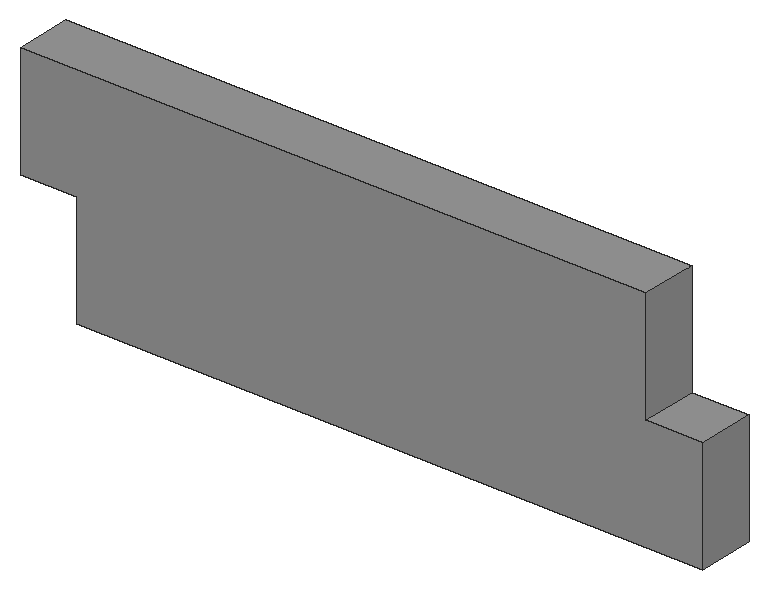
Revit family "Stonepanel_SaintYrieix_ESP", category Modelos genéricos, Revit 2015
Parameters (values of type "Stonepanel® SKY Saint Yrieix")
  Ventajas de Stonepanel = "Eficaz: Instalación ágil y sencilla : 10 veces más rápido que la mampostería tradicional (Ritmo medio de colocación de 20 m2/día). Mayor rentabilidad gracias al menor desperdicio de material en obra y a la durabilidad de un producto natural frente a otros revestimientos. La colocación de los paneles no requiere mano de obra ni maquinaria especializada.\r\nSeguro: Un sistema de anclaje patentado, de acero inoxidable, que permite su instalación a más de 2 metros de altura. Base de cemento homogénea y rugosa que garantiza la adhesión y permite el corte sin desprendimiento.\r\nCalidad: Control permanente del proceso de producción desde la oficina I+D+I. Una cuidada selección de piedra natural realizada por los expertos de CUPASTONE. Disponibilidad de piezas especiales para adaptarse perfectamente a cada edificio: esquinas (macizas, rectas, dobles o para ventanas), cubremuros, y otros complementarios.\r\nEstética: Forma de “S” que evita la visión de las juntas para homogenizar el aspecto final. Gran variedad de paneles para elegir entre colores y acabados de piedra natural. La propia belleza y exclusividad de la piedra natural: Cada piedra es\r\núnica."
  Usos Indicados = "Revestimiento de Paredes exteriores e interiores en edificaciones nuevas o rehabilitaciones"
  Uniclass 2015 = "Pr_25_71_14_56 Natural stone panels"
  Uniclass 2 = "Pr_25_71_14_56 Natural stone panels"
  URL = "http://www.cupastone.fr/produit/stonepanel-saint-yrieix/"
  Sistema de anclaje = "Cinta perforada en acero inoxidable:\r\n- Naturaleza del acero: AISI 316 (1.4401) o AISI 304 (1.4301)\r\n- Espesor mínimo (mm) : 0,7\r\n- Ancho (mm) : 12 a 15\r\n- Diámetro del hueco (mm) : 6 ± 1\r\n\r\nTacos:\r\nLa elección de los tacos y clavijas de fijación debe ser realizada teniendo en cuenta la acción en depresión del viento (muros exteriores) y de la resistencia de los tacos en el soporte, en función de la naturaleza del soporte."
  Resistencia al fuego = "No combustible"
  Resistencia a la flexión = "-"
  Resistencia al hielo = "Sin alteraciones despues de 50 ciclos"
  Resistencia = "Buena resistencia"
  Peso = "10 kg"
  Oxidación = "No oxida"
  Otros datos de interés del producto = "Dispone de un anclaje para instalar a alturas superiores a 2 metros"
  Omniclass = "23-15 15 15 11"
  Número de serie = "SPZ-F01"
  NBS Reference = "45-25-45/380 Natural stone panels"
  Modelo = "Stonepanel® SKY Saint Yrieix"
  Material = "Piedra de color marrón-anaranjado y de aspecto brillante. Presenta una estratificación marcada, alternando capas muy finas de color claro y de mayor espesor, de color más oscuro."
  Limpieza = "En general, los paneles no requieren mantenimiento y son auto- limpiantes, pero la eliminación de algunos tipos de marcas pueden requerir un tratamiento especializado.\r\nEn caso de suciedad anormal, la superficie puede limpiarse con una mezcla / detergente doméstico y agua caliente , aplicada con una almohadilla de limpieza adecuado o una esponja."
  Largo = 600 mm
  Impacto = "-"
  Imagen de tipo = <Ninguno>
  H1 = 100 mm
  Formato = "600x200"
  Forma de suministro = "Los paneles se presentan en parejas, en un embalaje plástico o en cajas de cartón de 3 o 4 piezas."
  Forma = "Forma de \"s\""
  Fabricante = "Cupastone"
  Envejecimiento por cambio térmicos = "Sin alteraciones después de 20 ciclos."
  Ensayos realizados por SINTEF = "Ensayo a los materiales de piedra, Ensayos a los paneles, Durabilidad y absorción de agua"
  Ensayos realizados por DIBt = "Adherencia entre piedra y mortero, Adherencia entre piedra y mortero tras 50 ciclos de hielo-deshielo"
  Ensayos realizados por BBA = "Resistencia a daños por heladicidad, Resistencia a choque térmico, Adherencia entre piedra y mortero, Resistencia al arrancamiento del anclaje, Resistencia a impacto"
  Ensayos realizados por Avis Technique = "Resistencia mecánica del anclaje, Resistencia mecánica de la cinta de seguridad, Ensayo de durabilidad tras la acción del agua, Ensayo de durabilidad tras la acción del hielo, Ensayo sísmico"
  Durabilidad = "Según el certificado BBA, el sistema tiene una vida de diseño superior a 30 años."
  Detalles constructivos = "Detalles de:\r\n- Instalación con perfil metálico\r\n- Instalación de Stonepanel\r\n- Instalación en muro interior\r\n- Instalación del elemento de seguridad (cinta perforada + tacos)\r\n- Esquinas entrantes\r\n- Esquinas salientes\r\n- Esquinas salientes pre-fabricadas\r\n- Esquinas salientes mediante serrado del panel\r\n- Esquinas salientes sin continuidad de Stonepanel (caso de una fachada lateral)\r\n- Bordes superiores\r\n- Sobre parapeto\r\n- Marco de vano"
  Desfase de altura = 0 mm
  Descripción = "Pieza de piedra natural montada sobre una base de cemento y reforzada con una malla de fibra de vidrio .\r\nPosee sistema de anclaje patentado, de acero inoxidable, que permite su instalación a más de 2 metros de altura"
  Densidad aparente = "91 kg/m2"
  Color secundario = "Gris y Dorado"
  Color principal = "Beige y Amarillo"
  Certificaciones = "BBA - Reino Unido, Avis Technique - Francia, DIBt - Alemania, SINTEF - Noruega"
  Aspecto = "Tradicional"
  Ancho = 50 mm
  Alto = 200 mm
  Adherencia del mortero = ">1N/mm2"
  Acabado = "Natural"
  Absorción = "Baja absorción"
Reference planes
  plane 1 "Muro": y = 0
  plane 2 "Centro (Izquierda/Derecha)": x = 125
  plane 3 "Posterior": y = 75
Forms (mm)
  Extrusion 1, solid, material "Stonepanel® SKY Saint Yrieix"
    sketch origin (0, 160, 1120) x (1, 0, 0) y (0, 0, 1)
      loop
        line (125, -1120) -> (125, -1020) -> (75, -1020) -> (75, -920) -> (-475, -920) -> (-475, -1020) -> (-425, -1020) -> (-425, -1120) -> (125, -1120)
    from 35 to 85
Text (mm)
  text "Cara de colocación" at (-1848.837, 1116.779, 0), in view "Nivel de referencia"
  text "Cara de colocación" at (0, 1409.804, 2854.306), in view "Izquierda"
  text "Cara de colocación" at (0, 499.811, 2980.732), in view "Derecha"
Dimensions and locks
  locked: plane 3 "Posterior" to host wall
  locked: Extrusion 1 to plane 3 "Posterior" at 0
  "Ancho": Extrusion 1 to Extrusion 1
  "Largo": Extrusion 1 to Extrusion 1
  "H1": Extrusion 1 to Extrusion 1
  "H1": level to Extrusion 1
  "Desfase de altura": level to Extrusion 1
  locked: Extrusion 1 to Extrusion 1 at 50  (x2)
  "Alto": Extrusion 1 to Extrusion 1
  aligned and locked: plane 1 "Muro" to host wall
Automatic sketch dimensions
  level to Extrusion 1 sketch curve = 0 mm
  Extrusion 1 sketch curve to plane 2 "Centro (Izquierda/Derecha)" = 0 mm
  Extrusion 1 sketch curve to plane 2 "Centro (Izquierda/Derecha)" = 50 mm
  Extrusion 1 sketch curve to Extrusion 1 sketch curve = 500 mm
  Extrusion 1 sketch curve to Extrusion 1 sketch curve = 50 mm
  level to Extrusion 1 sketch curve = 100 mm  (x2)
  Extrusion 1 sketch curve to Extrusion 1 sketch curve = 100 mm
